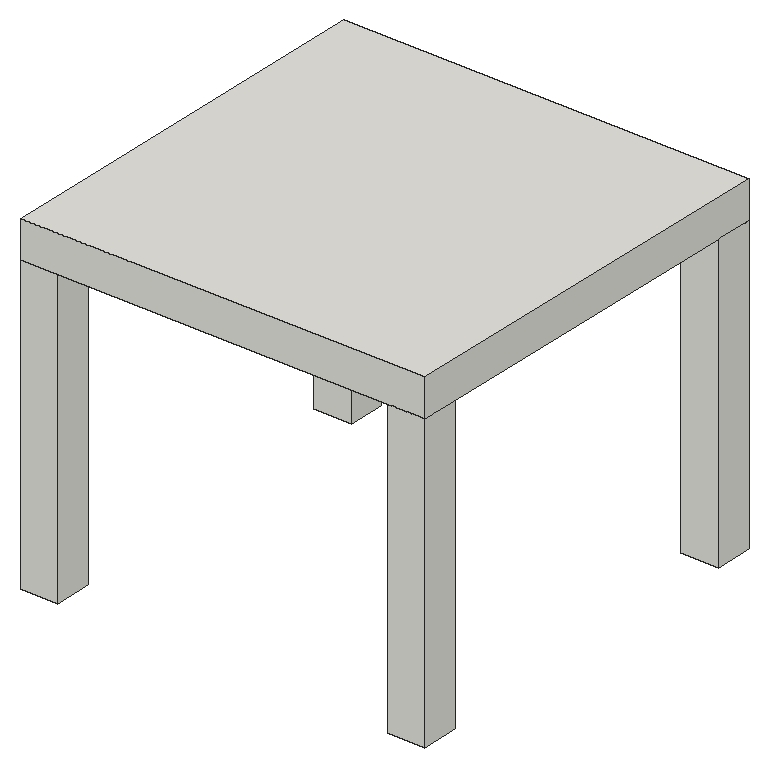
Revit family "Ikea_Lack_Side_Table_10543", category Мебель, Revit 2017
Family settings
  Номер OmniClass = 23.40.20.00
  Заголовок OmniClass = General Furniture and Specialties
  На основе рабочей плоскости = Нет
  Всегда вертикально = Да
  При загрузке вырезать с полостями = Нет
  Общий = Нет
  Точка расчета площади = Нет
Parameters
  Width = 549.275 mm
  Table Top Thickness = 50.8 mm
  Leg Width = 50.8 mm
  Leg Height = 400.05 mm
  Leg Depth = 50.8 mm
  Height = 450.85 mm
  Depth = 549.275 mm
Reference planes
  plane 1 "Center Front/Back": y = 0
  plane 2: z = 0
  plane 3 "Center Left/Right": x = 0
  plane 4: x = 274.638
  plane 5: x = -274.638
  plane 6: y = 274.638
  plane 7: y = -274.637
  plane 8: z = 400.05
  plane 9: z = 450.85
  plane 10: x = -223.838
  plane 11: x = 223.838
  plane 12: y = 223.838
  plane 13: y = -223.837
Forms (mm)
  Extrusion 1, solid, material "Ivory Lacquer"
    sketch origin (0, 0, 0) x (1, 0, 0) y (0, 1, 0)
      loop
        line (-274.638, 274.638) -> (-274.638, 223.838) -> (-223.838, 223.838) -> (-223.838, 274.638) -> (-274.638, 274.638)
      loop
        line (223.838, 274.638) -> (223.838, 223.838) -> (274.638, 223.838) -> (274.638, 274.638) -> (223.838, 274.638)
      loop
        line (274.638, -274.637) -> (274.638, -223.837) -> (223.838, -223.837) -> (223.838, -274.637) -> (274.638, -274.637)
      loop
        line (-223.838, -274.637) -> (-223.838, -223.837) -> (-274.638, -223.837) -> (-274.638, -274.637) -> (-223.838, -274.637)
    from 0 to 400.05
  Extrusion 2, solid, material "Ivory Lacquer"
    sketch origin (0, 0, 0) x (1, 0, 0) y (0, 1, 0)
      loop
        line (-274.638, 274.638) -> (-274.638, -274.637) -> (274.638, -274.637) -> (274.638, 274.638) -> (-274.638, 274.638)
    from 400.05 to 450.85
Dimensions and locks
  "Height": Extrusion 2 to level
  "Depth": Extrusion 2 to Extrusion 2
  "Width": Extrusion 2 to Extrusion 2
  "Leg Width": Extrusion 1 to Extrusion 2  (x2)
  "Leg Depth": Extrusion 2 to Extrusion 1
  "Leg Depth": Extrusion 1 to Extrusion 2  (x3)
  "Leg Width": Extrusion 2 to Extrusion 1  (x2)
  "Leg Height": Extrusion 2 to level
  aligned and locked: level to plane 2
  aligned and locked: plane 8 to Extrusion 1
  aligned and locked: Extrusion 1 to level
  aligned and locked: plane 10 to Extrusion 1
  aligned and locked: plane 5 to Extrusion 1
  aligned and locked: Extrusion 1 to plane 11
  aligned and locked: plane 4 to Extrusion 1
Automatic sketch dimensions
  Extrusion 1 sketch curve to plane 5 = 0 mm  (x2)
  plane 7 to Extrusion 1 sketch curve = 0 mm  (x2)
  Extrusion 1 sketch curve to plane 10 = 0 mm  (x2)
  plane 6 to Extrusion 1 sketch curve = 0 mm  (x2)
  Extrusion 1 sketch curve to plane 11 = 0 mm  (x2)
  Extrusion 1 sketch curve to plane 4 = 0 mm  (x2)
  plane 13 to Extrusion 1 sketch curve = 0 mm  (x2)
  plane 12 to Extrusion 1 sketch curve = 0 mm  (x2)
  Extrusion 2 sketch curve to plane 5 = 0 mm
  Extrusion 2 sketch curve to plane 4 = 0 mm
  plane 7 to Extrusion 2 sketch curve = 0 mm
  plane 6 to Extrusion 2 sketch curve = 0 mm
